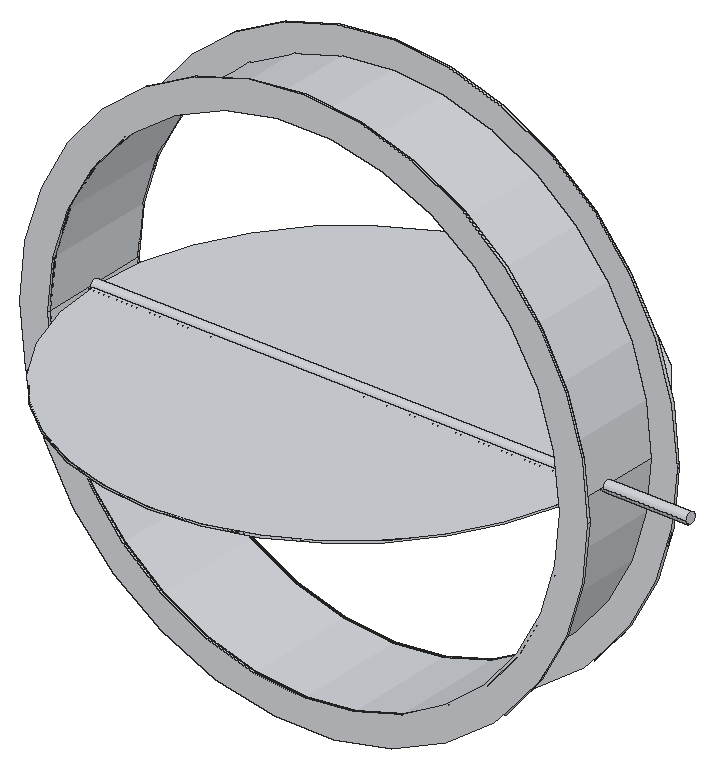
Revit family "HD-292", category Mechanical Equipment, Revit 2015
Parameters
  URL = "http://unitedenertech.com/catalog/pdf/D_3,%204,%205,%206%20HD-292.pdf"
  Type Comments = "Max. Size is (60\" Diameter)"
  O Radius [instance] = I Radius + Frame Thickness  # 1' - 6 17/128"
  Model = "HD-292"
  Manufacturer = "United Enertech Corporation"
  I Radius [instance] = Exact Diameter / 2  # 1' - 6"
  Frame Thickness [instance] = if(Exact Diameter < 1' 0 1/8", 0' 0 19/256", if(Exact Diameter < 2' 0 1/8", 0' 0 27/256", if(Exact Diameter < 5' 0 1/8", 0' 0 17/128", 0' 0 17/128")))  # 0' - 0 17/128"
  Flange [instance] = if(Exact Diameter < 1' 0 1/8", 0' 1 1/4", if(Exact Diameter < 2' 0 1/8", 0' 1 1/2", if(Exact Diameter < 5' 0 1/8", 0' 2", 0' 2")))  # 0' - 2"
  F Radius [instance] = I Radius + Flange  # 1' - 8"
  Exact Diameter = 3' - 0"
  Description = "Round Industrial Control Damper"
  Depth = if(Exact Diameter > 1' 0 1/8", 0' 8", 0' 6")  # 0' - 8"
  Blade Thickness [instance] = if(Exact Diameter < 1' 0 1/8", 0' 0 19/256", if(Exact Diameter < 2' 8 1/8", 0' 0 27/256", if(Exact Diameter < 4' 6 1/8", 0' 0 17/128", if(Exact Diameter < 5' 0 1/8", 0' 0 3/16", 0' 0 3/16"))))  # 0' - 0 17/128"
  Blade Radius [instance] = I Radius - 0' 0 1/4"  # 1' - 5 3/4"
  Axle Diameter [instance] = if(Exact Diameter < 1' 8 1/8", 0' 0 1/2", if(Exact Diameter < 3' 4 1/8", 0' 0 3/4", if(Exact Diameter < 5' 0 1/8", 0' 1", 0' 1")))  # 0' - 0 3/4"
  A Radius [instance] = Axle Diameter / 2  # 0' - 0 3/8"
Reference planes (in)
  plane 1 "Center (Front/Back)": y = 0
  plane 2: z = 0
  plane 3 "Center (Left/Right)": x = 0
  plane 4: x = -18
  plane 5: x = 18
  plane 6: y = 8
  plane 7: x = -20
  plane 8: x = 20
  plane 9: y = 0.13281
  plane 10: y = 7.86719
  plane 11: x = -18.75
  plane 12: x = 24
  plane 13: z = 0.375
  plane 14: z = -0.375
  plane 15: y = 4
  plane 16: z = 0.06641
  plane 17: z = -0.06641
Forms (in)
  Extrusion 1, solid
    sketch origin (0, 0, 0) x (1, 0, 0) y (0, 0, 1)
      loop
        circle (0, 0) r 18
      loop
        circle (0, 0) r 18.13281
    from -7.86719 to -0.13281
  Extrusion 2, solid
    sketch origin (0, 0, 0) x (1, 0, 0) y (0, 0, 1)
      loop
        circle (0, 0) r 20
      loop
        circle (0, 0) r 18
    from -0.13281 to 0
  Extrusion 3, solid
    sketch origin (0, 0, 0) x (1, 0, 0) y (0, 0, 1)
      loop
        circle (0, 0) r 20
      loop
        circle (0, 0) r 18
    from -8 to -7.86719
  Extrusion 4, solid
    sketch origin (0, 0, 0) x (0, 1, 0) y (0, 0, 1)
      loop
        circle (4, 0) r 0.375
    from -18.75 to 24
  Extrusion 5, solid
    sketch origin (0, 0, 0) x (1, 0, 0) y (0, 1, 0)
      loop
        circle (0, 4) r 17.75
    from -0.06641 to 0.06641
Dimensions and locks (in)
  equal spacing: plane 4, plane 3 "Center (Left/Right)", plane 5
  "Exact Diameter": plane 4 to plane 5
  "Depth": plane 1 "Center (Front/Back)" to plane 6
  "Flange": plane 5 to plane 8
  "Flange": plane 7 to plane 4
  "Frame Thickness": plane 1 "Center (Front/Back)" to plane 9
  "Frame Thickness": plane 6 to plane 10
  locked: plane 11 to plane 4 at 0.75
  locked: plane 5 to plane 12 at 6
  equal spacing: plane 13, level, plane 14
  "Axle Diameter": plane 13 to plane 14
  equal spacing: plane 6, plane 15, plane 1 "Center (Front/Back)"
  equal spacing: plane 16, level, plane 17
  "Blade Thickness": plane 16 to plane 17
  "I Radius": radius of Extrusion 1 sketch curve
  "O Radius": radius of Extrusion 1 sketch curve
  "I Radius": radius of Extrusion 2 sketch curve
  "F Radius": radius of Extrusion 2 sketch curve
  "I Radius": radius of Extrusion 3 sketch curve
  "F Radius": radius of Extrusion 3 sketch curve
  "A Radius": radius of Extrusion 4 sketch curve
  "Blade Radius": radius of Extrusion 5 sketch curve
  aligned and locked: level to plane 2
  aligned and locked: Extrusion 1 to plane 9
  aligned and locked: plane 10 to Extrusion 1
  aligned and locked: plane 9 to Extrusion 2
  aligned and locked: plane 1 "Center (Front/Back)" to Extrusion 2
  aligned and locked: plane 6 to Extrusion 3
  aligned and locked: Extrusion 3 to plane 10
  aligned and locked: Extrusion 4 to plane 11
  aligned and locked: plane 12 to Extrusion 4
  aligned and locked: plane 16 to Extrusion 5
  aligned and locked: Extrusion 5 to plane 17
Automatic sketch dimensions
  Extrusion 1 sketch curve to Extrusion 1 sketch curve = 0' - 0"  (x2)
  Extrusion 1 sketch curve to level = 0' - 0"
  Extrusion 1 sketch curve to plane 3 "Center (Left/Right)" = 0' - 0"
  Extrusion 2 sketch curve to Extrusion 2 sketch curve = 0' - 0"  (x2)
  Extrusion 2 sketch curve to level = 0' - 0"
  Extrusion 2 sketch curve to plane 3 "Center (Left/Right)" = 0' - 0"
  Extrusion 3 sketch curve to Extrusion 3 sketch curve = 0' - 0"  (x2)
  Extrusion 3 sketch curve to level = 0' - 0"
  Extrusion 3 sketch curve to plane 3 "Center (Left/Right)" = 0' - 0"
  Extrusion 4 sketch curve to level = 0' - 0"
  Extrusion 4 sketch curve to plane 15 = 0' - 0"
  Extrusion 5 sketch curve to plane 3 "Center (Left/Right)" = 0' - 0"
  Extrusion 5 sketch curve to plane 15 = 0' - 0"
